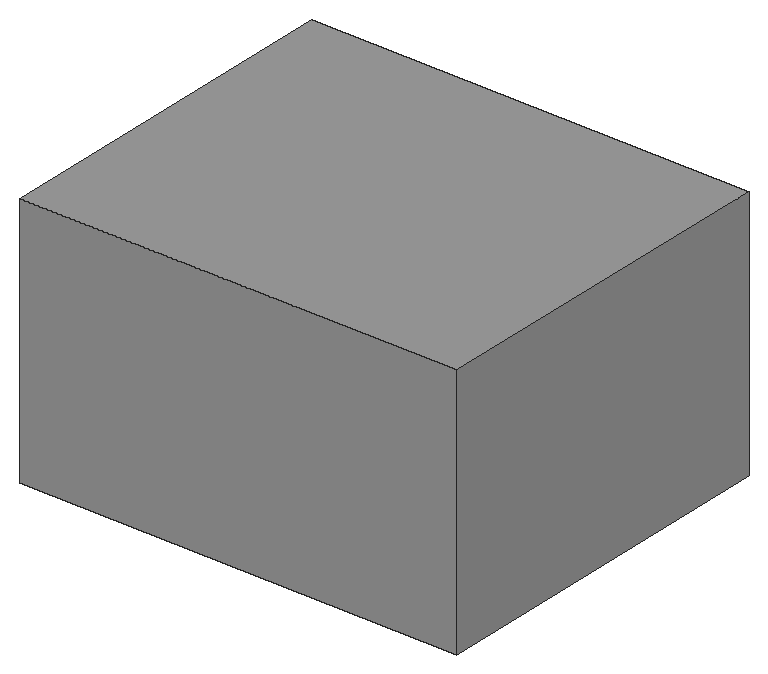
Revit family "Adaptive Block", category Generic Models, Revit 2023
Family settings
  Can host rebar = No
  Round Connector Dimension = Use Diameter
  Part Type = Normal
  Work Plane-Based = No
  Always vertical = Yes
  Cut with Voids When Loaded = No
  Maintain Annotation Orientation = No
  Shared = Yes
  Room Calculation Point = No
Parameters (values of type "Stool Template")
  Width [instance] = 144"
  Sub Department [instance] = ""
  Space Name (GMOD) [instance] = ""
  SD Walls [instance] = no
  Rectangular Space Block [instance] = yes
  Program Area [instance] = 0.00 SF
  Partition Placeholder Width = 0.10156"
  Graphic Outline Offset = 0"
  Length [instance] = 120"
  Height [instance] = 84"
  Fill Color [instance] = Default
  Department [instance] = ""
  Default Elevation = 0"
  Area (GMOD) [instance] = Width * Length  # 120.00 SF
  Area [instance] = Width * Length  # 120.00 SF
Reference planes (in)
  plane 1 "Center (Front/Back)": y = 0
  plane 2: z = 0
  plane 3 "Center (Left/Right)": x = 0
  plane 4: z = 84
  plane 5: z = 0.25
Forms (in)
  Extrusion 1, solid, material "Default" <- "Fill Color", visible <- "Rectangular Space Block"
    sketch origin (0, 0, 0) x (1, 0, 0) y (0, 1, 0)
      loop
        line (-72, 60) -> (-72, -60) -> (72, -60) -> (72, 60) -> (-72, 60)
    from 0 to 84
  Extrusion 2, solid, material "Default" <- "Fill Color", not visible
    sketch origin (0, 0, 0) x (1, 0, 0) y (0, 1, 0)
      loop
        line (-72, -55.22656) -> (72, -55.22656) -> (72, 60) -> (-72, 60) -> (-72, -55.22656)
    from 0 to 84
Lines and regions (in)
  reference lines
    curve 1: line (-72, 60, 0) -> (72, 60, 0)
    curve 2: line (72, 60, 0) -> (72, -60, 0)
    curve 3: line (72, -60, 0) -> (-72, -60, 0)
    curve 4: line (-72, -60, 0) -> (-72, 60, 0)
    curve 5: line (-72, 60, 0) -> (72, 60, 0)
    curve 6: line (72, 60, 0) -> (72, -60, 0)
    curve 7: line (72, -60, 0) -> (-72, -60, 0)
    curve 8: line (-72, -60, 0) -> (-72, 60, 0)
    curve 17: line (74.43042, 64.89947, 0) -> (74.43042, -71.22553, 0)
    curve 18: line (-74.4375, 67.80369, 0) -> (-74.4375, -70.19631, 0)
    curve 19: line (-96.1741, 62.4375, 0) -> (103.8259, 62.4375, 0)
    curve 20: line (103.60266, -62.4375, 0) -> (-89.39734, -62.4375, 0)
  model lines, style "Planning Family SD Wall Model Lines", visible <- "SD Walls"
    curve 9: line (-72.10156, 60.10156, 0) -> (72.10156, 60.10156, 0)
    curve 10: line (-72.10156, -60.10156, 0) -> (-72.10156, 60.10156, 0)
    curve 11: line (72.10156, -60.10156, 0) -> (-72.10156, -60.10156, 0)
    curve 12: line (72.10156, 60.10156, 0) -> (72.10156, -60.10156, 0)
  model lines, style "Planning Family Extrusions", visible <- "SD Walls"
    curve 13: line (67.22656, -55.22656, 0) -> (-72, -55.22656, 0)
    curve 14: line (-72, -55.22656, 0) -> (-72, 60, 0)
    curve 15: line (-72, 60, 0) -> (67.22656, 60, 0)
    curve 16: line (67.22656, 60, 0) -> (67.22656, -55.22656, 0)
  model lines, style "Planning Family Extrusions", not visible
    curve 21: line (-48, 60, 0) -> (43.22656, 60, 0)
    curve 22: line (-72, -31.22656, 0) -> (-72, 36, 0)
    curve 23: line (43.22656, -55.22656, 0) -> (-48, -55.22656, 0)
    curve 24: line (72, 31.22656, 0) -> (72, -26.45313, 0)
    curve 25: arc (-48, 60, 0) -> (-64.97056, 52.97056, 0) -> (-72, 36, 0) r 24
    curve 26: arc (43.22656, 60, 0) -> (63.57246, 51.57246, 0) -> (72, 31.22656, 0) r 28.77344
    curve 27: arc (72, -26.45313, 0) -> (63.57246, -46.79902, 0) -> (43.22656, -55.22656, 0) r 28.77344
    curve 28: arc (-48, -55.22656, 0) -> (-64.97056, -48.19713, 0) -> (-72, -31.22656, 0) r 24
Dimensions and locks (in)
  "Length": curve 1 to curve 3
  "Width": curve 4 to curve 2
  "Height": plane 4 to level
  equal spacing: curve 4, plane 3 "Center (Left/Right)", curve 2
  equal spacing: curve 3, plane 1 "Center (Front/Back)", curve 1, locked at 60 each
  "Graphic Outline Offset": curve 5 to curve 1
  "Graphic Outline Offset": curve 7 to curve 3
  "Graphic Outline Offset": curve 4 to curve 8
  "Graphic Outline Offset": curve 6 to curve 2
  "Partition Placeholder Width": curve 11 to curve 3
  "Partition Placeholder Width": curve 10 to curve 4
  "Partition Placeholder Width": curve 9 to curve 1
  "Partition Placeholder Width": curve 12 to curve 2
  locked: curve 2 to curve 17 at 2.43042
  locked: curve 18 to curve 4 at 2.4375
  locked: curve 5 to curve 19 at 2.4375
  locked: curve 3 to curve 20 at 2.4375
  aligned and locked: plane 2 to level
  aligned and locked: Extrusion 1 to plane 4
  aligned and locked: Extrusion 1 to curve 2
  aligned and locked: Extrusion 1 to curve 3
  aligned and locked: Extrusion 1 to curve 4
  aligned and locked: Extrusion 1 to curve 1
  aligned and locked: curve 4 to curve 14
  aligned and locked: curve 15 to curve 1
  aligned and locked: curve 21 to Extrusion 1
  aligned and locked: curve 24 to Extrusion 1
  aligned and locked: Extrusion 2 sketch curve to curve 22
  aligned and locked: Extrusion 2 sketch curve to curve 24
  aligned and locked: Extrusion 2 sketch curve to curve 23
  aligned and locked: Extrusion 2 sketch curve to Extrusion 1
  aligned and locked: Extrusion 2 to plane 4
Automatic sketch dimensions
  Extrusion 1 sketch curve to plane 3 "Center (Left/Right)" = 72"
  plane 3 "Center (Left/Right)" to Extrusion 1 sketch curve = 72"
  plane 1 "Center (Front/Back)" to Extrusion 1 sketch curve = 60"
  Extrusion 1 sketch curve to plane 1 "Center (Front/Back)" = 60"
  curve 22 to curve 14 = 0"
  curve 15 to curve 9 = 4.875"
  curve 11 to curve 16 = 4.875"
  curve 23 to curve 13 = 0"
  curve 22 to curve 25 = 24"
  curve 13 to curve 23 = 24"
  curve 21 to curve 15 = 24"
  curve 23 to curve 13 = 24"
  curve 20 to curve 18 = 14.95984"
  curve 19 to curve 18 = 21.7366"
  curve 17 to curve 20 = 29.17224"
  curve 17 to curve 19 = 29.39548"
  curve 18 to curve 3 = 10.19631"
  curve 17 to curve 2 = 11.22553"
  curve 1 to curve 17 = 4.89947"
  curve 1 to curve 18 = 7.80369"
